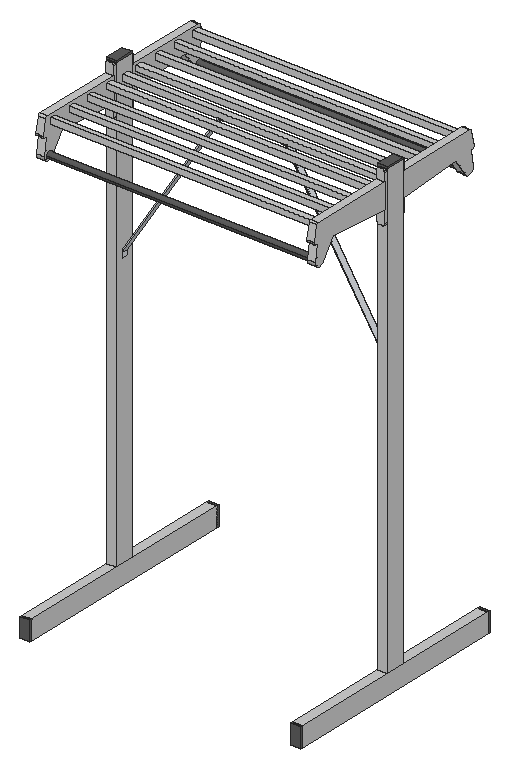
Revit family "Magnuson-DDF-Coat_Rack-", category Furniture, Revit 2014
Parameters (values of type "3D-DDF-3H")
  Hanger Rod = MG - Black Plastic
  Cap = MG - Black Plastic
  Frame = MG - Steel, Wrought
  Width = 36"
  URL = "www.magnusongroup.com"
  Type Comments = "DS"  # constant formula
  Shelf = MG - Steel, Wrought
  Salvage or Reuse = yes
  Percentage of Recycled Content = 0
  Model = "3D-DDF-3H"
  Material = ""
  Manufacturer = "MAGNUSON"  # constant formula
  Low Emitting Material = yes
  Low Emitting Finish = yes
  Keynote = "12500"
  Height = 61"
  Description = "36W Double Sided Steel Floor Rack With Hanger Rod"
  Depth = 18 3/8"
  Assembly Code = "E2020200"
Types (4): name | Width | Description
  (no name) | 36" | "36W Double Sided Steel Floor Rack With Hanger Rod"
  3D-DDF-3H | 36" | "36W Double Sided Steel Floor Rack With Hanger Rod"
  3D-DDF-4H | 48" | "48W Double Sided Steel Floor Rack With Hanger Rod"
  3D-DDF-5H | 60" | "60W Double Sided Steel Floor Rack With Hanger Rod"
Reference planes (in)
  plane 1 "Center Front/Back": y = 0
  plane 2: z = 0
  plane 3 "Center Left/Right": x = 0
  plane 4: z = 0.32228
  plane 5: x = 18
  plane 6: x = -18
  plane 7: x = -16.75
  plane 8: x = -16.87389
  plane 9: x = -17.87389
  plane 10: x = 16.76511
  plane 11: x = 16.889
  plane 12: x = 17.889
  plane 13: z = 61
  plane 14: z = 59.11383
  plane 15: z = 56.17261
  plane 16: y = 7.1875
  plane 17: y = 4.6875
  plane 18: y = -8.9375
  plane 19: y = -9.1875
  plane 20: z = 60.75
  plane 21: z = 2.82228
  plane 22: y = 20.79455
  plane 23: y = 21.04455
Forms (in)
  Extrusion 1, solid, material "MG - Steel, Wrought" <- "Frame"
    sketch origin (0, 0, 0) x (1, 0, 0) y (0, 1, 0)
      loop
        line (-16.75, 20.79455) -> (-18, 20.79455) -> (-18, -8.9375) -> (-16.75, -8.9375) -> (-16.75, 20.79455)
      loop
        line (16.76511, 20.79455) -> (16.76511, -8.9375) -> (18.01511, -8.9375) -> (18.01511, 20.79455) -> (16.76511, 20.79455)
    from 0.32228 to 2.82228
  Extrusion 2, solid, material "MG - Steel, Wrought" <- "Frame"
    sketch origin (0, 0, 0) x (1, 0, 0) y (0, 0, 1)
      loop
        line (-18, 60.75) -> (-18, 2.82228) -> (-16.75, 2.82228) -> (-16.75, 60.75) -> (-18, 60.75)
      loop
        line (18, 60.75) -> (16.76511, 60.75) -> (16.76511, 2.82228) -> (18, 2.82228) -> (18, 60.75)
    from -7.1875 to -4.6875
  Extrusion 3, solid, material "MG - Steel, Wrought" <- "Shelf"
    sketch origin (0, 0, 0) x (0, 1, 0) y (0, 0, 1)
      loop
        line (4.4375, 59.36854) -> (-6.20797, 59.36854)
        arc (-6.20797, 59.36854) -> (-6.33556, 59.32252) -> (-6.4044, 59.20565) r 0.19989
        line (-6.4044, 59.20565) -> (-6.77119, 57.25854)
        arc (-6.77119, 57.25854) -> (-6.7334, 57.09986) -> (-6.59001, 57.0221) r 0.2
        line (-6.59001, 57.0221) -> (-6.3057, 57.0002) -> (-6.68732, 54.97428)
        arc (-6.68732, 54.97428) -> (-6.25871, 54.30095) -> (-5.5006, 54.55062) r 0.65004
        line (-5.5006, 54.55062) -> (-3.97534, 56.82069) -> (4.4375, 56.17261) -> (4.4375, 59.36854)
      loop
        line (7.41955, 59.36854) -> (7.41955, 56.17261) -> (15.83239, 56.82069) -> (17.35765, 54.55062)
        arc (17.35765, 54.55062) -> (18.11576, 54.30095) -> (18.54437, 54.97428) r 0.65004
        line (18.54437, 54.97428) -> (18.16275, 57.0002) -> (18.44706, 57.0221)
        arc (18.44706, 57.0221) -> (18.59045, 57.09986) -> (18.62824, 57.25854) r 0.2
        line (18.62824, 57.25854) -> (18.26145, 59.20565)
        arc (18.26145, 59.20565) -> (18.19261, 59.32252) -> (18.06502, 59.36854) r 0.19989
        line (18.06502, 59.36854) -> (7.41955, 59.36854)
    from -17.87389 to -16.87389
  Extrusion 4, solid, material "MG - Steel, Wrought" <- "Shelf"
    sketch origin (0, 0, 0) x (0, 1, 0) y (0, 0, -1)
      loop
        line (4.4375, -59.36854) -> (4.4375, -56.17261) -> (-3.97534, -56.82069) -> (-5.5006, -54.55062)
        arc (-5.5006, -54.55062) -> (-6.25871, -54.30095) -> (-6.68732, -54.97428) r 0.65004
        line (-6.68732, -54.97428) -> (-6.3057, -57.0002) -> (-6.59001, -57.0221)
        arc (-6.59001, -57.0221) -> (-6.7334, -57.09986) -> (-6.77119, -57.25854) r 0.2
        line (-6.77119, -57.25854) -> (-6.4044, -59.20565)
        arc (-6.4044, -59.20565) -> (-6.33556, -59.32252) -> (-6.20797, -59.36854) r 0.19989
        line (-6.20797, -59.36854) -> (4.4375, -59.36854)
      loop
        line (7.41955, -59.36854) -> (18.06502, -59.36854)
        arc (18.06502, -59.36854) -> (18.19261, -59.32252) -> (18.26145, -59.20565) r 0.19989
        line (18.26145, -59.20565) -> (18.62824, -57.25854)
        arc (18.62824, -57.25854) -> (18.59045, -57.09986) -> (18.44706, -57.0221) r 0.2
        line (18.44706, -57.0221) -> (18.16275, -57.0002) -> (18.54437, -54.97428)
        arc (18.54437, -54.97428) -> (18.11576, -54.30095) -> (17.35765, -54.55062) r 0.65004
        line (17.35765, -54.55062) -> (15.83239, -56.82069) -> (7.41955, -56.17261) -> (7.41955, -59.36854)
    from -17.889 to -16.889
  Extrusion 5, solid, material "MG - Steel, Wrought" <- "Frame"
    sketch origin (0, 0, 0) x (0, 1, 0) y (0, 0, 1)
      loop
        line (3.99055, 59.11383) -> (3.17257, 59.11383) -> (3.17257, 58.36383) -> (3.99055, 58.36383) -> (3.99055, 59.11383)
      loop
        line (0.90555, 59.11383) -> (0.15555, 59.11383) -> (0.15555, 58.36383) -> (0.90555, 58.36383) -> (0.90555, 59.11383)
      loop
        line (-2.11147, 59.11383) -> (-2.86147, 59.11383) -> (-2.86147, 58.36383) -> (-2.11147, 58.36383) -> (-2.11147, 59.11383)
      loop
        line (-5.12849, 59.11383) -> (-5.87849, 59.11383) -> (-5.87849, 58.36383) -> (-5.12849, 58.36383) -> (-5.12849, 59.11383)
      loop
        line (7.8665, 59.11383) -> (7.8665, 58.36383) -> (8.68448, 58.36383) -> (8.68448, 59.11383) -> (7.8665, 59.11383)
      loop
        line (10.9515, 59.11383) -> (10.9515, 58.36383) -> (11.7015, 58.36383) -> (11.7015, 59.11383) -> (10.9515, 59.11383)
      loop
        line (13.96852, 59.11383) -> (13.96852, 58.36383) -> (14.71852, 58.36383) -> (14.71852, 59.11383) -> (13.96852, 59.11383)
      loop
        line (16.98554, 59.11383) -> (16.98554, 58.36383) -> (17.73554, 58.36383) -> (17.73554, 59.11383) -> (16.98554, 59.11383)
    from -16.87389 to 16.889
  Extrusion 6, solid
    sketch origin (0, 0, 0) x (1, 0, 0) y (0, 0, 1)
      loop
        line (-3.80341, 58.36383) -> (-4.4035, 58.36383) -> (-16.75, 38.77327) -> (-16.75, 38.0106) -> (-16.65, 38.0106) -> (-16.65, 38.66928) -> (-4.30098, 58.26383) -> (-3.80341, 58.26383) -> (-3.80341, 58.36383)
      loop
        line (3.81852, 58.36383) -> (3.81852, 58.26383) -> (4.31609, 58.26383) -> (16.66511, 38.66928) -> (16.66511, 38.0106) -> (16.76511, 38.0106) -> (16.76511, 38.77327) -> (4.41861, 58.36383) -> (3.81852, 58.36383)
    from -6.30352 to -5.55352
  Extrusion 7, solid, material "MG - Black Plastic" <- "Cap"
    sketch origin (0, 0, 73) x (1, 0, 0) y (0, 0, 1)
      loop
        line (-18, -12) -> (-18, -12.25) -> (-16.75, -12.25) -> (-16.75, -12) -> (-18, -12)
      loop
        line (18, -12) -> (16.76511, -12) -> (16.76511, -12.25) -> (18, -12.25) -> (18, -12)
    from -7.1875 to -4.6875
  Extrusion 8, solid, material "MG - Steel, Wrought" <- "Frame"
    sketch origin (0, 0, 0) x (1, 0, 0) y (0, 0, 1)
      loop
        line (-17.87389, 60.45435) -> (-17.87389, 54.55067)
        arc (-17.87389, 54.55067) -> (-17.78646, 54.33872) -> (-17.57503, 54.25006) r 0.30061
        line (-17.57503, 54.25006) -> (-17.17503, 54.25006)
        arc (-17.17503, 54.25006) -> (-16.96228, 54.33807) -> (-16.87389, 54.55067) r 0.30114
        line (-16.87389, 54.55067) -> (-16.87389, 60.45435)
        arc (-16.87389, 60.45435) -> (-16.96382, 60.66371) -> (-17.17471, 60.75) r 0.30087
        line (-17.17471, 60.75) -> (-17.57535, 60.75)
        arc (-17.57535, 60.75) -> (-17.78543, 60.66358) -> (-17.87389, 60.45435) r 0.29855
      loop
        arc (17.889, 60.45435) -> (17.80054, 60.66358) -> (17.59046, 60.75) r 0.29855
        line (17.59046, 60.75) -> (17.18982, 60.75)
        arc (17.18982, 60.75) -> (16.97893, 60.66371) -> (16.889, 60.45435) r 0.30087
        line (16.889, 60.45435) -> (16.889, 54.55067)
        arc (16.889, 54.55067) -> (16.97739, 54.33807) -> (17.19014, 54.25006) r 0.30114
        line (17.19014, 54.25006) -> (17.59014, 54.25006)
        arc (17.59014, 54.25006) -> (17.80157, 54.33872) -> (17.889, 54.55067) r 0.30061
        line (17.889, 54.55067) -> (17.889, 60.45435)
    from -4.6875 to -4.4375
  Extrusion 9, solid, material "MG - Steel, Wrought" <- "Frame"
    sketch origin (0, 14.5, 0) x (0, 1, 0) y (0, 0, 1)
      loop
        line (-8.19648, 59.11383) -> (-8.94648, 59.11383) -> (-8.94648, 58.36383) -> (-8.19648, 58.36383) -> (-8.19648, 59.11383)
    from -16.75 to 16.76511
  Extrusion 10, solid, material "MG - Black Plastic" <- "Cap"
    sketch origin (0, 22, 0) x (1, 0, 0) y (0, 1, 0)
      loop
        line (-16.75, -0.95545) -> (-18, -0.95545) -> (-18, -1.20545) -> (-16.75, -1.20545) -> (-16.75, -0.95545)
      loop
        line (16.76511, -0.95545) -> (16.76511, -1.20545) -> (18.01511, -1.20545) -> (18.01511, -0.95545) -> (16.76511, -0.95545)
    from 0.32228 to 2.82228
  Extrusion 11, solid, material "MG - Black Plastic" <- "Cap"
    sketch origin (0, -22, 0) x (1, 0, 0) y (0, 1, 0)
      loop
        line (-16.75, 12.8125) -> (-16.75, 13.0625) -> (-18, 13.0625) -> (-18, 12.8125) -> (-16.75, 12.8125)
      loop
        line (16.76511, 12.8125) -> (18.01511, 12.8125) -> (18.01511, 13.0625) -> (16.76511, 13.0625) -> (16.76511, 12.8125)
    from 0.32228 to 2.82228
  Extrusion 12, solid, material "MG - Black Plastic" <- "Hanger Rod"
    sketch origin (0, 0, 0) x (0, 1, 0) y (0, 0, 1)
      loop
        circle (-6.04016, 54.91315) r 0.39489
      loop
        circle (17.89721, 54.91315) r 0.39489
    from -16.87389 to 16.889
  Extrusion 13, solid, material "MG - Steel, Wrought" <- "Frame"
    sketch origin (0, 11.875, 0) x (1, 0, 0) y (0, 0, -1)
      loop
        arc (-17.87389, -60.45435) -> (-17.78543, -60.66358) -> (-17.57535, -60.75) r 0.29855
        line (-17.57535, -60.75) -> (-17.17471, -60.75)
        arc (-17.17471, -60.75) -> (-16.96382, -60.66371) -> (-16.87389, -60.45435) r 0.30087
        line (-16.87389, -60.45435) -> (-16.87389, -54.55067)
        arc (-16.87389, -54.55067) -> (-16.96228, -54.33807) -> (-17.17503, -54.25006) r 0.30114
        line (-17.17503, -54.25006) -> (-17.57503, -54.25006)
        arc (-17.57503, -54.25006) -> (-17.78646, -54.33872) -> (-17.87389, -54.55067) r 0.30061
        line (-17.87389, -54.55067) -> (-17.87389, -60.45435)
      loop
        line (17.889, -60.45435) -> (17.889, -54.55067)
        arc (17.889, -54.55067) -> (17.80157, -54.33872) -> (17.59014, -54.25006) r 0.30061
        line (17.59014, -54.25006) -> (17.19014, -54.25006)
        arc (17.19014, -54.25006) -> (16.97739, -54.33807) -> (16.889, -54.55067) r 0.30114
        line (16.889, -54.55067) -> (16.889, -60.45435)
        arc (16.889, -60.45435) -> (16.97893, -60.66371) -> (17.18982, -60.75) r 0.30087
        line (17.18982, -60.75) -> (17.59046, -60.75)
        arc (17.59046, -60.75) -> (17.80054, -60.66358) -> (17.889, -60.45435) r 0.29855
    from -4.6875 to -4.4375
Lines and regions (in)
  symbolic lines
    curve 1: line (-18, 21.04455, 0) -> (-16.75, 21.04455, 0)
    curve 2: line (-18, -9.1875, 0) -> (-18, 21.04455, 0)
    curve 3: line (-16.75, -9.1875, 0) -> (-18, -9.1875, 0)
    curve 4: line (-16.75, 21.04455, 0) -> (-16.75, -9.1875, 0)
    curve 5: line (16.76511, 21.04455, 0) -> (18, 21.04455, 0)
    curve 6: line (16.76511, -9.1875, 0) -> (16.76511, 21.04455, 0)
    curve 7: line (18, -9.1875, 0) -> (16.76511, -9.1875, 0)
    curve 8: line (18, 21.04455, 0) -> (18, -9.1875, 0)
    curve 9: line (16.76511, 6.30352, 0) -> (-16.75, 6.30352, 0)
    curve 10: line (-16.75, 5.55352, 0) -> (16.76511, 5.55352, 0)
    curve 17: line (16.889, -5.12849, 0) -> (-16.87389, -5.12849, 0)
    curve 18: line (-16.87389, -5.87849, 0) -> (16.889, -5.87849, 0)
    curve 19: line (-18, 7.1875, 0) -> (-16.75, 7.1875, 0)
    curve 20: line (-18, 4.6875, 0) -> (-16.75, 4.6875, 0)
    curve 21: line (18, 7.1875, 0) -> (16.76511, 7.1875, 0)
    curve 22: line (18, 4.6875, 0) -> (16.76511, 4.6875, 0)
    curve 29: line (16.889, 16.98554, 0) -> (-16.87389, 16.98554, 0)
    curve 30: line (-16.87389, 17.73554, 0) -> (16.889, 17.73554, 0)
  symbolic lines, detail levels medium+fine
    curve 11: line (16.889, 3.99055, 0) -> (-16.87389, 3.99055, 0)
    curve 12: line (-16.87389, 3.17257, 0) -> (16.889, 3.17257, 0)
    curve 13: line (16.889, 0.90555, 0) -> (-16.87389, 0.90555, 0)
    curve 14: line (-16.87389, 0.15555, 0) -> (16.889, 0.15555, 0)
    curve 15: line (16.889, -2.11147, 0) -> (-16.87389, -2.11147, 0)
    curve 16: line (-16.87389, -2.86147, 0) -> (16.889, -2.86147, 0)
    curve 23: line (16.889, 7.8665, 0) -> (-16.87389, 7.8665, 0)
    curve 24: line (-16.87389, 8.68448, 0) -> (16.889, 8.68448, 0)
    curve 25: line (16.889, 10.9515, 0) -> (-16.87389, 10.9515, 0)
    curve 26: line (-16.87389, 11.7015, 0) -> (16.889, 11.7015, 0)
    curve 27: line (16.889, 13.96852, 0) -> (-16.87389, 13.96852, 0)
    curve 28: line (-16.87389, 14.71852, 0) -> (16.889, 14.71852, 0)
Dimensions and locks (in)
  "Width": plane 6 to plane 5
  Extrusion 2 to Extrusion 2 to plane 1 "Center Front/Back" = 2 1/2", 4 11/16"
  locked: Extrusion 2 sketch curve to plane 6 at 1.25
  locked: Extrusion 2 sketch curve to plane 5 at 1.23489
  locked: plane 9 to plane 6 at 0.12611
  locked: plane 8 to plane 7 at 0.12389
  locked: plane 7 to plane 6 at 1.25
  locked: plane 11 to plane 10 at 0.12389
  locked: plane 5 to plane 12 at 0.111
  locked: plane 5 to plane 10 at 1.23489
  plane 7 to Extrusion 6 sketch curve to Extrusion 6 sketch curve to Extrusion 6 sketch curve = 12.3465" locked, 0.10252" locked, 0.49757" locked
  Extrusion 4 sketch curve to Extrusion 4 sketch curve = 2.33726"  (x2)
  plane 15 to Extrusion 6 sketch curve to Extrusion 6 sketch curve to Extrusion 6 sketch curve = 17.39934" locked, 0.104" locked, 0.65867" locked  (x2)
  Extrusion 6 sketch curve to Extrusion 6 sketch curve to Extrusion 6 sketch curve to plane 10 = 0.49757" locked, 0.10252" locked, 12.3465" locked
  locked: plane 17 to Extrusion 3 at 0.25
  Extrusion 3 sketch curve to Extrusion 3 sketch curve to Extrusion 3 sketch curve to Extrusion 3 sketch curve to plane 19 = 2.06482" locked, 0.16781" locked, 0.36668" locked, 2.61285" locked
  plane 14 to Extrusion 3 sketch curve to Extrusion 3 sketch curve = 1.89231" locked, 2.30837" locked  (x2)
  plane 13 to Extrusion 8 sketch curve to Extrusion 8 sketch curve = 1/4" locked, 6.49994" locked  (x2)
  plane 16 to Extrusion 9 sketch curve to Extrusion 9 sketch curve = 0.88397" locked, 3/4" locked
  locked: plane 14 to Extrusion 9 sketch curve at 0.75
  locked: plane 13 to plane 20 at 0.25
  "Height": plane 13 to level
  equal spacing: Extrusion 5 sketch curve, Extrusion 5 sketch curve, Extrusion 5 sketch curve, Extrusion 5 sketch curve  (x2)
  locked: plane 17 to Extrusion 5 sketch curve at 0.69695
  locked: Extrusion 5 sketch curve to plane 19 at 3.30901
  equal spacing: plane 6, plane 3 "Center Left/Right", plane 5
  plane 21 to plane 4 to level = 2 1/2" locked, 0.32228" locked
  locked: Extrusion 13 sketch curve to Extrusion 13 sketch curve at 6.49994  (x2)
  locked: Extrusion 13 to plane 16 at 0.25
  Extrusion 3 sketch curve to Extrusion 3 sketch curve to Extrusion 3 sketch curve to Extrusion 3 sketch curve to plane 23 = 2.06482" locked, 0.16781" locked, 0.36668" locked, 2.61285" locked
  locked: Extrusion 5 sketch curve to plane 16 at 0.679
  locked: plane 23 to Extrusion 5 sketch curve at 3.30901
  locked: plane 23 to Extrusion 12 sketch curve at 3.14734
  locked: Extrusion 12 sketch curve to plane 19 at 3.14734
  locked: plane 15 to Extrusion 12 sketch curve at 1.25946  (x2)
  aligned and locked: level to plane 2
  aligned and locked: plane 6 to Extrusion 2 sketch curve
  aligned and locked: Extrusion 2 sketch curve to plane 5
  aligned and locked: Extrusion 2 to plane 7
  aligned and locked: Extrusion 3 to plane 8
  aligned and locked: plane 9 to Extrusion 3
  aligned and locked: Extrusion 2 to plane 6
  aligned and locked: Extrusion 2 to plane 10
  aligned and locked: Extrusion 4 to plane 11
  aligned and locked: plane 12 to Extrusion 4
  aligned and locked: Extrusion 2 to plane 5
  aligned and locked: plane 8 to Extrusion 5
  aligned and locked: plane 11 to Extrusion 5
  aligned and locked: Extrusion 4 sketch curve to Extrusion 3  (x5)
  aligned and locked: plane 9 to Extrusion 8 sketch curve
  aligned and locked: Extrusion 8 sketch curve to plane 8
  aligned and locked: plane 11 to Extrusion 8 sketch curve
  aligned and locked: Extrusion 8 sketch curve to plane 12
  aligned and locked: plane 17 to Extrusion 8
  aligned and locked: Extrusion 8 to Extrusion 3
  aligned and locked: plane 14 to Extrusion 9
  aligned and locked: Extrusion 5 sketch curve to plane 14  (x4)
  aligned and locked: Extrusion 5 sketch curve to Extrusion 5 sketch curve  (x6)
  aligned and locked: Extrusion 5 sketch curve to Extrusion 9
  aligned and locked: plane 7 to Extrusion 9
  aligned and locked: plane 10 to Extrusion 9
  aligned and locked: plane 20 to Extrusion 2  (x2)
  aligned and locked: Extrusion 7 to plane 20  (x2)
  aligned and locked: plane 13 to Extrusion 7
  aligned and locked: plane 13 to Extrusion 7 sketch curve
  aligned and locked: Extrusion 6 to Extrusion 9
  aligned and locked: Extrusion 9 to Extrusion 6
  aligned and locked: Extrusion 1 to plane 4
  aligned and locked: Extrusion 11 to plane 4
  aligned and locked: Extrusion 10 to plane 4
  aligned and locked: Extrusion 1 to plane 18  (x2)
  aligned and locked: Extrusion 2 to plane 21  (x2)
  aligned and locked: plane 16 to Extrusion 2
  aligned and locked: Extrusion 2 to plane 17
  aligned and locked: plane 16 to Extrusion 7
  aligned and locked: Extrusion 7 to plane 17
  aligned and locked: Extrusion 12 to plane 8
  aligned and locked: plane 11 to Extrusion 12
  aligned and locked: plane 21 to Extrusion 1
  aligned and locked: plane 19 to curve 3
  aligned and locked: plane 6 to curve 2
  aligned and locked: curve 4 to plane 7
  aligned and locked: plane 10 to curve 6
  aligned and locked: plane 19 to curve 7
  aligned and locked: curve 8 to plane 5
  aligned and locked: curve 9 to Extrusion 9
  aligned and locked: curve 10 to Extrusion 9
  aligned and locked: curve 11 to Extrusion 5
  aligned and locked: curve 12 to Extrusion 5
  aligned and locked: curve 13 to Extrusion 5
  aligned and locked: curve 14 to Extrusion 5
  aligned and locked: curve 15 to Extrusion 5
  aligned and locked: curve 16 to Extrusion 5
  aligned and locked: curve 17 to Extrusion 5
  aligned and locked: curve 18 to Extrusion 5
  aligned and locked: curve 19 to Extrusion 2
  aligned and locked: curve 20 to Extrusion 2
  aligned and locked: curve 21 to Extrusion 2
  aligned and locked: curve 22 to Extrusion 2
  aligned and locked: Extrusion 13 to plane 16
  aligned and locked: Extrusion 10 to plane 23  (x2)
  aligned and locked: plane 22 to Extrusion 10  (x2)
  aligned and locked: Extrusion 1 to plane 22  (x2)
  aligned and locked: Extrusion 5 to Extrusion 5
  aligned and locked: plane 14 to Extrusion 5  (x4)
  aligned and locked: plane 23 to curve 5
  aligned and locked: plane 23 to curve 1
Automatic sketch dimensions
  curve 29 to plane 8 = 0"
  curve 26 to plane 8 = 0"
  curve 25 to plane 8 = 0"
  curve 24 to plane 8 = 0"
  curve 23 to plane 8 = 0"
  curve 30 to plane 8 = 0"
  curve 27 to plane 8 = 0"
  curve 28 to plane 8 = 0"
  curve 18 to plane 8 = 0"
  curve 17 to plane 8 = 0"
  curve 16 to plane 8 = 0"
  curve 15 to plane 8 = 0"
  curve 14 to plane 8 = 0"
  curve 13 to plane 8 = 0"
  curve 12 to plane 8 = 0"
  curve 11 to plane 8 = 0"
  curve 29 to plane 11 = 0"
  curve 17 to plane 11 = 0"
  curve 28 to plane 11 = 0"
  curve 11 to plane 11 = 0"
  curve 16 to plane 11 = 0"
  curve 15 to plane 11 = 0"
  curve 23 to plane 11 = 0"
  curve 14 to plane 11 = 0"
  curve 13 to plane 11 = 0"
  curve 24 to plane 11 = 0"
  curve 25 to plane 11 = 0"
  curve 12 to plane 11 = 0"
  curve 18 to plane 11 = 0"
  curve 26 to plane 11 = 0"
  curve 27 to plane 11 = 0"
  curve 30 to plane 11 = 0"
  plane 16 to curve 23 = 0.679"
  curve 23 to curve 24 = 0.81798"
  curve 24 to curve 25 = 2.26702"
  curve 25 to curve 26 = 3/4"
  curve 26 to curve 27 = 2.26702"
  curve 27 to curve 28 = 3/4"
  curve 28 to curve 29 = 2.26702"
  curve 29 to curve 30 = 3/4"
  Extrusion 1 sketch curve to plane 6 = 0"
  Extrusion 1 sketch curve to plane 7 = 0"
  Extrusion 1 sketch curve to plane 10 = 0"
  plane 22 to Extrusion 1 sketch curve = 0"  (x2)
  Extrusion 1 sketch curve to plane 18 = 0"  (x2)
  Extrusion 1 sketch curve to plane 5 = 0.01511"
  Extrusion 2 sketch curve to plane 21 = 0"  (x2)
  Extrusion 2 sketch curve to plane 20 = 0"  (x2)
  Extrusion 3 sketch curve to plane 15 = 0"  (x2)
  plane 15 to Extrusion 3 sketch curve = 0.84949"  (x2)
  Extrusion 3 sketch curve to Extrusion 3 sketch curve = 0.01536"  (x2)
  Extrusion 3 sketch curve to Extrusion 3 sketch curve = 0.64716"
  plane 15 to Extrusion 3 sketch curve = 1 11/128"  (x2)
  plane 14 to Extrusion 3 sketch curve = 0.09183"  (x2)
  Extrusion 3 sketch curve to Extrusion 3 sketch curve = 0.19643"  (x2)
  plane 15 to Extrusion 3 sketch curve = 0.82759"  (x2)
  Extrusion 3 sketch curve to Extrusion 3 sketch curve = 0.28431"
  Extrusion 3 sketch curve to plane 15 = 1.62199"  (x2)
  Extrusion 3 sketch curve to Extrusion 3 sketch curve = 0.53956"  (x2)
  Extrusion 3 sketch curve to plane 17 = 1/4"
  plane 16 to Extrusion 3 sketch curve = 0.23205"
  Extrusion 3 sketch curve to Extrusion 3 sketch curve = 0.26895"
  Extrusion 3 sketch curve to plane 15 = 1.19833"
  plane 15 to Extrusion 3 sketch curve = 0.64808"  (x2)
  plane 14 to Extrusion 3 sketch curve = 0.05482"  (x2)
  Extrusion 4 sketch curve to plane 15 = 0"  (x2)
  Extrusion 4 sketch curve to Extrusion 4 sketch curve = 0.46549"
  plane 15 to Extrusion 4 sketch curve = 0.84949"  (x2)
  Extrusion 4 sketch curve to Extrusion 4 sketch curve = 0.19654"  (x2)
  plane 14 to Extrusion 4 sketch curve = 0.09183"  (x2)
  Extrusion 4 sketch curve to Extrusion 4 sketch curve = 0.36679"
  plane 14 to Extrusion 4 sketch curve = 0.05482"
  Extrusion 4 sketch curve to Extrusion 4 sketch curve = 0.19643"  (x2)
  Extrusion 4 sketch curve to plane 15 = 1.62199"
  plane 16 to Extrusion 4 sketch curve = 0.23205"
  plane 15 to Extrusion 4 sketch curve = 0.64808"
  plane 22 to Extrusion 4 sketch curve = 4.96216"
  Extrusion 4 sketch curve to Extrusion 4 sketch curve = 1.52526"
  Extrusion 4 sketch curve to Extrusion 4 sketch curve = 0.53956"
  plane 14 to Extrusion 4 sketch curve = 0.25471"
  plane 22 to Extrusion 4 sketch curve = 2.72953"
  plane 15 to Extrusion 4 sketch curve = 0.82759"
  Extrusion 4 sketch curve to Extrusion 4 sketch curve = 0.26895"
  Extrusion 4 sketch curve to Extrusion 4 sketch curve = 0.01536"
  Extrusion 4 sketch curve to plane 15 = 1.19833"
  Extrusion 4 sketch curve to Extrusion 4 sketch curve = 0.64716"
  plane 15 to Extrusion 4 sketch curve = 1 11/128"
  Extrusion 4 sketch curve to Extrusion 4 sketch curve = 0.23643"
  Extrusion 4 sketch curve to Extrusion 4 sketch curve = 0.06113"
  Extrusion 5 sketch curve to plane 14 = 0"  (x4)
  Extrusion 5 sketch curve to Extrusion 5 sketch curve = 3/4"  (x7)
  Extrusion 5 sketch curve to Extrusion 5 sketch curve = 2.26702"
  Extrusion 5 sketch curve to Extrusion 5 sketch curve = 0.81798"
  plane 7 to Extrusion 6 sketch curve = 0"
  Extrusion 6 sketch curve to plane 10 = 0"
  Extrusion 6 sketch curve to plane 7 = 0.1"
  Extrusion 6 sketch curve to plane 10 = 0.1"
  Extrusion 6 sketch curve to plane 14 = 0.85"  (x2)
  Extrusion 6 sketch curve to Extrusion 6 sketch curve = 0.1"  (x2)
  Extrusion 7 sketch curve to plane 6 = 0"
  plane 7 to Extrusion 7 sketch curve = 0"
  Extrusion 7 sketch curve to plane 10 = 0"
  plane 5 to Extrusion 7 sketch curve = 0"
  Extrusion 7 sketch curve to plane 20 = 0"  (x2)
  Extrusion 7 sketch curve to plane 13 = 0"
  Extrusion 8 sketch curve to plane 9 = 0.29854"
  Extrusion 8 sketch curve to plane 9 = 0.29886"
  Extrusion 8 sketch curve to plane 9 = 0.30061"
  plane 8 to Extrusion 8 sketch curve = 0.30114"
  plane 8 to Extrusion 8 sketch curve = 0.30082"
  plane 11 to Extrusion 8 sketch curve = 0.30082"
  plane 11 to Extrusion 8 sketch curve = 0.30114"
  Extrusion 8 sketch curve to Extrusion 8 sketch curve = 0.30061"  (x3)
  Extrusion 8 sketch curve to plane 12 = 0.29886"
  Extrusion 8 sketch curve to plane 12 = 0.29854"
  Extrusion 8 sketch curve to Extrusion 8 sketch curve = 0.30087"  (x2)
  Extrusion 8 sketch curve to Extrusion 8 sketch curve = 0.29855"  (x2)
  Extrusion 9 sketch curve to plane 14 = 0"
  Extrusion 10 sketch curve to plane 6 = 0"
  Extrusion 10 sketch curve to plane 7 = 0"
  Extrusion 10 sketch curve to plane 10 = 0"
  plane 23 to Extrusion 10 sketch curve = 0"  (x2)
  plane 22 to Extrusion 10 sketch curve = 0"  (x2)
  Extrusion 10 sketch curve to plane 5 = 0.01511"
  Extrusion 11 sketch curve to plane 6 = 0"
  Extrusion 11 sketch curve to plane 7 = 0"
  Extrusion 11 sketch curve to plane 10 = 0"
  Extrusion 11 sketch curve to plane 18 = 0"  (x2)
  Extrusion 11 sketch curve to plane 19 = 0"  (x2)
  plane 5 to Extrusion 11 sketch curve = 0.01511"
  plane 9 to Extrusion 13 sketch curve = 0"
  Extrusion 13 sketch curve to plane 20 = 0"  (x2)
  plane 8 to Extrusion 13 sketch curve = 0"
  Extrusion 13 sketch curve to plane 11 = 0"
  Extrusion 13 sketch curve to plane 12 = 0"
  Extrusion 13 sketch curve to plane 9 = 0.29854"
  Extrusion 13 sketch curve to plane 9 = 0.29886"
  Extrusion 13 sketch curve to plane 9 = 0.30061"
  plane 8 to Extrusion 13 sketch curve = 0.30114"
  plane 8 to Extrusion 13 sketch curve = 0.30082"
  plane 11 to Extrusion 13 sketch curve = 0.30082"
  plane 11 to Extrusion 13 sketch curve = 0.30114"
  Extrusion 13 sketch curve to Extrusion 13 sketch curve = 0.30061"
  Extrusion 13 sketch curve to plane 12 = 0.29886"
  Extrusion 13 sketch curve to plane 12 = 0.29854"
  Extrusion 13 sketch curve to plane 20 = 0.29564"  (x4)
  Extrusion 13 sketch curve to Extrusion 13 sketch curve = 0.30114"  (x2)
  radius of Extrusion 12 sketch curve = 0.39489"  (x2)
